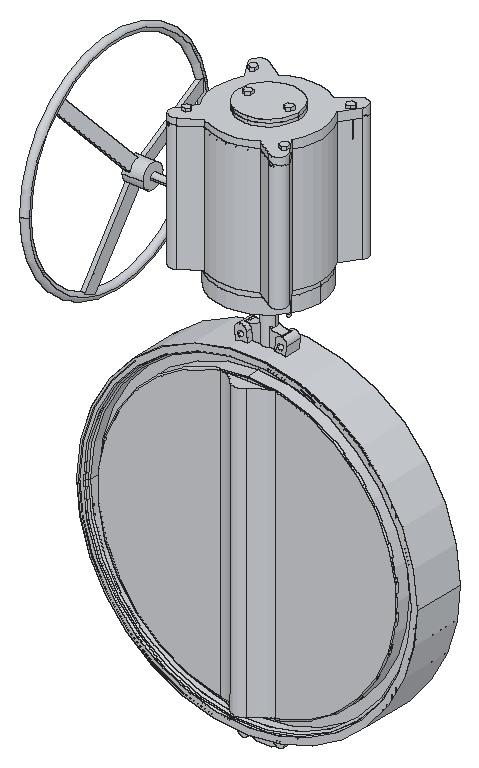
Revit family "R59WX040", category Plumbing Fixtures, Revit 2015
Reference planes
  plane 1 "Center (Front/Back)": y = 0
  plane 2: z = 0
  plane 3 "Center (Left/Right)": x = 0
  plane 4: z = 400
  plane 5: z = 660
  plane 6: z = 187
  plane 7: z = -310
  plane 8: z = -30
  plane 9: z = 466.013
  plane 10: z = -30
  plane 11: y = -17.262
  plane 12: y = 17.262
  plane 13: x = -87.5
  plane 14: x = 87.5
  plane 15: z = 652
  plane 16: x = 226
  plane 17: y = -44.787
  plane 18: y = 43.213
  plane 19: z = 375
  plane 20: x = -266
  plane 21: z = 272
Forms (mm)
  Extrusion 1, solid
    sketch origin (0, 0, 382.391) x (1, 0, 0) y (0, 1, 0)
      loop
        circle (0, 0) r 87.5
    from -7.391 to 17.609
  Extrusion 2, solid
    sketch origin (0, 0, -76.95) x (1, 0, 0) y (0, 1, 0)
      loop
        circle (0, 0) r 12
    from 353.293 to 452.95
  Revolve 3, solid
    sketch origin (0, 0, 0) x (0, 1, 0) y (0, 0, 1)
      loop
        line (-20, -280.688) -> (20, -280.688) -> (20, -251.679) -> (41.486, -251.679)
        arc (41.486, -251.679) -> (42.707, -251.173) -> (43.213, -249.951) r 1.728
        line (43.213, -249.951) -> (43.213, 0) -> (-44.787, 0) -> (-44.787, -249.951)
        arc (-44.787, -249.951) -> (-44.281, -251.173) -> (-43.059, -251.679) r 1.728
        line (-43.059, -251.679) -> (-20, -251.679) -> (-20, -280.688)
      axis (43.213, 0) -> (-44.787, 0)
    angle from 0 to 360
  Extrusion 4, solid
    sketch origin (-24.881, 2.518, 221.916) x (0.933413, 0, -0.358805) y (0.358805, 0, 0.933413)
      loop
        line (-18.251, 60.114) -> (-25.459, 74.264)
        arc (-25.459, 74.264) -> (-38.908, 78.635) -> (-43.28, 65.186) r 10
        line (-43.28, 65.186) -> (-36.072, 51.036) -> (-18.251, 60.114)
      loop
        circle (-32.1, 65.269) r 5
    from -10.991 to 16.009
  Extrusion 5, solid
    sketch origin (18.896, -132.284, 409.391) x (-0.707107, -0.707107, 0) y (0.707107, -0.707107, 0)
      loop
        line (6.619, -122.207) -> (1.336, -117.615) -> (-5.283, -119.894) -> (-6.619, -126.765) -> (-1.336, -131.358) -> (5.283, -129.079) -> (6.619, -122.207)
    from 0 to 3.746
  Extrusion 6, solid
    sketch origin (18.896, -132.284, 388.391) x (-0.707107, -0.707107, 0) y (0.707107, -0.707107, 0)
      loop
        circle (0, -124.486) r 3
    from -20.186 to 21
  Extrusion 7, solid
    sketch origin (18.896, -132.284, 374) x (-0.707107, -0.707107, 0) y (0.707107, -0.707107, 0)
      loop
        line (3.99, -123.113) -> (0.805, -120.344) -> (-3.184, -121.718) -> (-3.99, -125.86) -> (-0.805, -128.628) -> (3.184, -127.254) -> (3.99, -123.113)
      loop
        line (-3.444, -125.672) -> (-0.695, -128.061) -> (2.749, -126.876) -> (3.444, -123.301) -> (0.695, -120.911) -> (-2.749, -122.097) -> (-3.444, -125.672)
    from -1.968 to 1
  Extrusion 8, solid
    sketch origin (49.205, -126.837, 523.966) x (-0.707107, -0.707107, 0) y (0.707107, -0.707107, 0)
      loop
        line (-76.155, -211.941) -> (-68.675, -247.132)
        arc (-68.675, -247.132) -> (-54.895, -258.291) -> (-41.114, -247.132) r 14.088
        line (-41.114, -247.132) -> (-33.634, -211.941)
        arc (-33.634, -211.941) -> (8.743, -188.129) -> (32.557, -145.753) r 90
        line (32.557, -145.753) -> (67.77, -138.268)
        arc (67.77, -138.268) -> (78.929, -124.488) -> (67.77, -110.708) r 14.088
        line (67.77, -110.708) -> (32.56, -103.223)
        arc (32.56, -103.223) -> (8.748, -60.841) -> (-33.632, -37.025) r 90
        line (-33.632, -37.025) -> (-41.114, -1.823)
        arc (-41.114, -1.823) -> (-54.895, 9.336) -> (-68.675, -1.823) r 14.088
        line (-68.675, -1.823) -> (-76.158, -37.025)
        arc (-76.158, -37.025) -> (-118.534, -60.838) -> (-142.347, -103.215) r 90
        line (-142.347, -103.215) -> (-177.549, -110.697)
        arc (-177.549, -110.697) -> (-188.708, -124.477) -> (-177.549, -138.258) r 14.088
        line (-177.549, -138.258) -> (-142.35, -145.74)
        arc (-142.35, -145.74) -> (-118.538, -188.124) -> (-76.155, -211.941) r 90
    from -114.575 to 101.703
  Sweep 9, solid
    path origin (0, 0, 0) x (1, 0, 0) y (0, 0, 1)
      loop
        circle (0, 0) r 286
    profile origin (0, 0, -286) x (0, 0, 1) y (0, -1, 0)
      loop
        line (16.683, -34.145) -> (16.683, 35.718) -> (13.454, 38.947) -> (12.517, 42.445) -> (10.888, 44.787) -> (0.625, 44.787) -> (0.625, -43.213) -> (10.888, -43.213) -> (12.517, -40.871) -> (13.454, -37.374) -> (16.683, -34.145)
  Extrusion 10, solid
    sketch origin (0, 0, 224.34) x (1, 0, 0) y (0, 0, 1)
      loop
        line (-20.256, 59.078) -> (20.256, 59.078) -> (31.678, 84.739)
        arc (31.678, 84.739) -> (12.774, 88.436) -> (0.632, 103.389) r 28.254
        arc (0.632, 103.389) -> (-12.113, 88.083) -> (-31.789, 84.989) r 28.254
        line (-31.789, 84.989) -> (-20.256, 59.078)
    from -7.881 to 9.454
  Sweep 11, solid
    path origin (-0.002, 0, 0) x (1, 0, 0) y (0, 0, 1)
      loop
        circle (0, 0) r 286
    profile origin (-0.002, 0, -286) x (0, 0, 1) y (0, -1, 0)
      loop
        line (0, 44.787) -> (0, -43.213) -> (3.927, -43.213) -> (3.927, 44.787) -> (0, 44.787)
  Extrusion 12, solid
    sketch origin (-19.594, 2.518, -222.445) x (-0.843784, 0, 0.536683) y (-0.536683, 0, -0.843784)
      loop
        line (-18.251, 60.114) -> (-25.459, 74.264)
        arc (-25.459, 74.264) -> (-38.908, 78.635) -> (-43.28, 65.186) r 10
        line (-43.28, 65.186) -> (-36.072, 51.036) -> (-18.251, 60.114)
      loop
        circle (-32.1, 65.269) r 5
    from -10.991 to 16.009
  Extrusion 13, solid
    sketch origin (0, 0, -222.777) x (1, 0, 0) y (0, 0, 1)
      loop
        line (-15.541, -59.525) -> (-27.45, -86.281)
        arc (-27.45, -86.281) -> (-19.91, -88.806) -> (-12.729, -92.221) r 65.798
        line (-12.729, -92.221) -> (12.729, -92.221)
        arc (12.729, -92.221) -> (19.999, -88.77) -> (27.636, -86.232) r 65.798
        line (27.636, -86.232) -> (15.749, -59.525) -> (-15.541, -59.525)
    from -7.881 to 9.454
  Extrusion 14, solid
    sketch origin (157.284, 43.896, 409.391) x (0.707107, -0.707107, 0) y (0.707107, 0.707107, 0)
      loop
        line (6.619, -122.207) -> (1.336, -117.615) -> (-5.283, -119.894) -> (-6.619, -126.765) -> (-1.336, -131.358) -> (5.283, -129.079) -> (6.619, -122.207)
    from 0 to 3.746
  Extrusion 15, solid
    sketch origin (157.284, 43.896, 388.391) x (0.707107, -0.707107, 0) y (0.707107, 0.707107, 0)
      loop
        circle (0, -124.486) r 3
    from -20.186 to 21
  Extrusion 16, solid
    sketch origin (157.284, 43.896, 374) x (0.707107, -0.707107, 0) y (0.707107, 0.707107, 0)
      loop
        line (3.99, -123.113) -> (0.805, -120.344) -> (-3.184, -121.718) -> (-3.99, -125.86) -> (-0.805, -128.628) -> (3.184, -127.254) -> (3.99, -123.113)
      loop
        line (-3.444, -125.672) -> (-0.695, -128.061) -> (2.749, -126.876) -> (3.444, -123.301) -> (0.695, -120.911) -> (-2.749, -122.097) -> (-3.444, -125.672)
    from -1.968 to 1
  Extrusion 17, solid
    sketch origin (-18.896, 132.284, 409.391) x (0.707107, 0.707107, 0) y (-0.707107, 0.707107, 0)
      loop
        line (6.619, -122.207) -> (1.336, -117.615) -> (-5.283, -119.894) -> (-6.619, -126.765) -> (-1.336, -131.358) -> (5.283, -129.079) -> (6.619, -122.207)
    from 0 to 3.746
  Extrusion 18, solid
    sketch origin (-18.896, 132.284, 388.391) x (0.707107, 0.707107, 0) y (-0.707107, 0.707107, 0)
      loop
        circle (0, -124.486) r 3
    from -20.186 to 21
  Extrusion 19, solid
    sketch origin (-18.896, 132.284, 374) x (0.707107, 0.707107, 0) y (-0.707107, 0.707107, 0)
      loop
        line (3.99, -123.113) -> (0.805, -120.344) -> (-3.184, -121.718) -> (-3.99, -125.86) -> (-0.805, -128.628) -> (3.184, -127.254) -> (3.99, -123.113)
      loop
        line (-3.444, -125.672) -> (-0.695, -128.061) -> (2.749, -126.876) -> (3.444, -123.301) -> (0.695, -120.911) -> (-2.749, -122.097) -> (-3.444, -125.672)
    from -1.968 to 1
  Extrusion 20, solid
    sketch origin (-157.284, -43.896, 409.391) x (-0.707107, 0.707107, 0) y (-0.707107, -0.707107, 0)
      loop
        line (6.619, -122.207) -> (1.336, -117.615) -> (-5.283, -119.894) -> (-6.619, -126.765) -> (-1.336, -131.358) -> (5.283, -129.079) -> (6.619, -122.207)
    from 0 to 3.746
  Extrusion 21, solid
    sketch origin (-157.284, -43.896, 388.391) x (-0.707107, 0.707107, 0) y (-0.707107, -0.707107, 0)
      loop
        circle (0, -124.486) r 3
    from -20.186 to 21
  Extrusion 22, solid
    sketch origin (-157.284, -43.896, 374) x (-0.707107, 0.707107, 0) y (-0.707107, -0.707107, 0)
      loop
        line (3.99, -123.113) -> (0.805, -120.344) -> (-3.184, -121.718) -> (-3.99, -125.86) -> (-0.805, -128.628) -> (3.184, -127.254) -> (3.99, -123.113)
      loop
        line (-3.444, -125.672) -> (-0.695, -128.061) -> (2.749, -126.876) -> (3.444, -123.301) -> (0.695, -120.911) -> (-2.749, -122.097) -> (-3.444, -125.672)
    from -1.968 to 1
  Extrusion 23, solid
    sketch origin (-5.763, 157.917, 636.616) x (0.707107, 0.707107, 0) y (-0.707107, 0.707107, 0)
      loop
        line (6.619, -122.207) -> (1.336, -117.615) -> (-5.283, -119.894) -> (-6.619, -126.765) -> (-1.336, -131.358) -> (5.283, -129.079) -> (6.619, -122.207)
    from 0 to 4.617
  Extrusion 24, solid
    sketch origin (-5.763, 157.917, 522.045) x (0.707107, 0.707107, 0) y (-0.707107, 0.707107, 0)
      loop
        circle (0, -124.486) r 3
    from 66.681 to 114.571
  Extrusion 25, solid
    sketch origin (170.417, 18.263, 636.616) x (0.707107, -0.707107, 0) y (0.707107, 0.707107, 0)
      loop
        line (6.619, -122.207) -> (1.336, -117.615) -> (-5.283, -119.894) -> (-6.619, -126.765) -> (-1.336, -131.358) -> (5.283, -129.079) -> (6.619, -122.207)
    from 0 to 4.617
  Extrusion 26, solid
    sketch origin (170.417, 18.263, 522.045) x (0.707107, -0.707107, 0) y (0.707107, 0.707107, 0)
      loop
        circle (0, -124.486) r 3
    from 66.681 to 114.571
  Extrusion 27, solid
    sketch origin (5.763, -157.917, 636.616) x (-0.707107, -0.707107, 0) y (0.707107, -0.707107, 0)
      loop
        line (6.619, -122.207) -> (1.336, -117.615) -> (-5.283, -119.894) -> (-6.619, -126.765) -> (-1.336, -131.358) -> (5.283, -129.079) -> (6.619, -122.207)
    from 0 to 4.617
  Extrusion 28, solid
    sketch origin (5.763, -157.917, 522.045) x (-0.707107, -0.707107, 0) y (0.707107, -0.707107, 0)
      loop
        circle (0, -124.486) r 3
    from 66.681 to 114.571
  Extrusion 29, solid
    sketch origin (-170.417, -18.263, 636.616) x (-0.707107, 0.707107, 0) y (-0.707107, -0.707107, 0)
      loop
        line (6.619, -122.207) -> (1.336, -117.615) -> (-5.283, -119.894) -> (-6.619, -126.765) -> (-1.336, -131.358) -> (5.283, -129.079) -> (6.619, -122.207)
    from 0 to 4.617
  Extrusion 30, solid
    sketch origin (-170.417, -18.263, 522.045) x (-0.707107, 0.707107, 0) y (-0.707107, -0.707107, 0)
      loop
        circle (0, -124.486) r 3
    from 66.681 to 114.571
  Extrusion 31, solid
    sketch origin (4.994, 0, 68.013) x (0, 1, 0) y (0, 0, -1)
      loop
        circle (0, -398) r 6
    from 74.348 to 199.367
  Sweep 32, solid
    path origin (-258.995, 0, 57.241) x (0, 1, 0) y (0, 0, -1)
      loop
        circle (0, -408.772) r 187
    profile origin (-258.995, 0, 653.013) x (0, 0, 1) y (-1, 0, 0)
      loop
        circle (0, 0) r 7
  Extrusion 33, solid
    sketch origin (-27.995, 0, 68.013) x (0, 1, 0) y (0, 0, -1)
      loop
        circle (0, -398) r 20
    from 166.378 to 201.654
  Extrusion 34, solid
    sketch origin (-16.226, -165.594, 308.635) x (0.996525, 0.083294, -0.000135) y (-0.05437, 0.64925, -0.758629)
      loop
        line (-182.932, 4.168) -> (-189.521, 6.043) -> (-239.457, -181.426) -> (-232.868, -183.3) -> (-182.932, 4.168)
    from 230.215 to 251.867
  Extrusion 35, solid
    sketch origin (-122.734, -88.025, 647.383) x (-0.707107, 0.707107, 0) y (-0.707107, -0.707107, 0)
      loop
        line (6.619, -122.207) -> (1.336, -117.615) -> (-5.283, -119.894) -> (-6.619, -126.765) -> (-1.336, -131.358) -> (5.283, -129.079) -> (6.619, -122.207)
    from 0 to 4.617
  Extrusion 36, solid
    sketch origin (-122.734, -88.025, 532.811) x (-0.707107, 0.707107, 0) y (-0.707107, -0.707107, 0)
      loop
        circle (0, -124.486) r 3
    from 66.681 to 114.571
  Extrusion 37, solid
    sketch origin (122.679, -51.499, 647.383) x (0.707107, -0.707107, 0) y (0.707107, 0.707107, 0)
      loop
        line (-96.38, -19.209) -> (-103.251, -20.545) -> (-105.53, -27.163) -> (-100.938, -32.446) -> (-94.066, -31.111) -> (-91.787, -24.492) -> (-96.38, -19.209)
    from 0 to 4.617
  Extrusion 38, solid
    sketch origin (-122.734, -88.025, 532.811) x (-0.707107, 0.707107, 0) y (-0.707107, -0.707107, 0)
      loop
        circle (-49.047, -173.533) r 3
    from 66.681 to 114.571
  Extrusion 39, solid
    sketch origin (0, 0, 635.256) x (1, 0, 0) y (0, 1, 0)
      loop
        circle (0, 0) r 50
    from 1.36 to 6.196
  Extrusion 40, solid
    sketch origin (0, 0, 642.383) x (1, 0, 0) y (0, 1, 0)
      loop
        circle (0, 0) r 50
    from 0.001 to 5
  Extrusion 41, solid
    sketch origin (0, 0, 637.888) x (1, 0, 0) y (0, 1, 0)
      loop
        circle (0, 0) r 43.203
    from 3.565 to 4.496
  Extrusion 42, solid
    sketch origin (-16.226, 220.055, 402.965) x (0.996525, -0.04153, 0.072203) y (-0.05437, 0.332367, 0.941582)
      loop
        line (-182.932, 4.168) -> (-189.521, 6.043) -> (-239.457, -181.426) -> (-232.868, -183.3) -> (-182.932, 4.168)
    from 230.215 to 251.867
  Extrusion 43, solid
    sketch origin (-16.226, -54.461, 689.782) x (0.996525, -0.041764, -0.072067) y (-0.05437, -0.981617, -0.182952)
      loop
        line (-182.932, 4.168) -> (-189.521, 6.043) -> (-239.457, -181.426) -> (-232.868, -183.3) -> (-182.932, 4.168)
    from 230.215 to 251.867
  Extrusion 44, solid
    sketch origin (0, 0, 407.391) x (1, 0, 0) y (0, 1, 0)
      loop
        circle (0, 0) r 87.5
    from -7.391 to 2
  Extrusion 45, solid
    sketch origin (49.205, -126.837, 740.245) x (-0.707107, -0.707107, 0) y (0.707107, -0.707107, 0)
      loop
        line (-76.155, -211.941) -> (-68.675, -247.132)
        arc (-68.675, -247.132) -> (-54.895, -258.291) -> (-41.114, -247.132) r 14.088
        line (-41.114, -247.132) -> (-33.634, -211.941)
        arc (-33.634, -211.941) -> (8.743, -188.129) -> (32.557, -145.753) r 90
        line (32.557, -145.753) -> (67.77, -138.268)
        arc (67.77, -138.268) -> (78.929, -124.488) -> (67.77, -110.708) r 14.088
        line (67.77, -110.708) -> (32.56, -103.223)
        arc (32.56, -103.223) -> (8.748, -60.841) -> (-33.632, -37.025) r 90
        line (-33.632, -37.025) -> (-41.114, -1.823)
        arc (-41.114, -1.823) -> (-54.895, 9.336) -> (-68.675, -1.823) r 14.088
        line (-68.675, -1.823) -> (-76.158, -37.025)
        arc (-76.158, -37.025) -> (-118.534, -60.838) -> (-142.347, -103.215) r 90
        line (-142.347, -103.215) -> (-177.549, -110.697)
        arc (-177.549, -110.697) -> (-188.708, -124.477) -> (-177.549, -138.258) r 14.088
        line (-177.549, -138.258) -> (-142.35, -145.74)
        arc (-142.35, -145.74) -> (-118.538, -188.124) -> (-76.155, -211.941) r 90
    from -103.629 to -117.861
  Extrusion 46, solid
    sketch origin (24.881, -2.518, 221.916) x (-0.933413, 0, -0.358805) y (-0.358805, 0, 0.933413)
      loop
        line (-18.251, 60.114) -> (-25.459, 74.264)
        arc (-25.459, 74.264) -> (-38.908, 78.635) -> (-43.28, 65.186) r 10
        line (-43.28, 65.186) -> (-36.072, 51.036) -> (-18.251, 60.114)
      loop
        circle (-32.1, 65.269) r 5
    from -10.991 to 16.009
  Extrusion 47, solid
    sketch origin (19.594, -2.518, -222.445) x (0.843784, 0, 0.536683) y (0.536683, 0, -0.843784)
      loop
        line (-18.251, 60.114) -> (-25.459, 74.264)
        arc (-25.459, 74.264) -> (-38.908, 78.635) -> (-43.28, 65.186) r 10
        line (-43.28, 65.186) -> (-36.072, 51.036) -> (-18.251, 60.114)
      loop
        circle (-32.1, 65.269) r 5
    from -10.991 to 16.009
  Extrusion 48, solid
    sketch origin (0, -18.373, 0) x (1, 0, 0) y (0, 1, 0)
      loop
        arc (-45.752, -26.413) -> (-28.242, -32.561) -> (-14.1, -44.579) r 50.889
        arc (-14.1, -44.579) -> (-0.248, -51.523) -> (13.756, -44.892) r 17.686
        arc (13.756, -44.892) -> (27.976, -32.661) -> (45.661, -26.413) r 50.889
        line (45.661, -26.413) -> (-45.752, -26.413)
    from -246.56 to 246.641
  Extrusion 49, solid
    sketch origin (0, 18.373, 0) x (1, 0, 0) y (0, 1, 0)
      loop
        line (-45.752, 26.413) -> (45.661, 26.413)
        arc (45.661, 26.413) -> (27.976, 32.661) -> (13.756, 44.892) r 50.889
        arc (13.756, 44.892) -> (-0.248, 51.523) -> (-14.1, 44.579) r 17.686
        arc (-14.1, 44.579) -> (-28.242, 32.561) -> (-45.752, 26.413) r 50.889
    from -246.56 to 246.641
Dimensions and locks
  locked: plane 2 to plane 4 at 400
  locked: level to plane 5 at 660
  locked: plane 7 to level at 310
  locked: plane 18 to plane 17 at 88
  plane 19 to plane 4 = 25 mm
  plane 16 to plane 3 "Center (Left/Right)" = 226 mm
  locked: plane 13 to plane 14 at 175
  locked: plane 4 to plane 15 at 252
  locked: plane 3 "Center (Left/Right)" to plane 20 at 266
  locked: plane 21 to plane 5 at 388
  aligned and locked: level to plane 2
